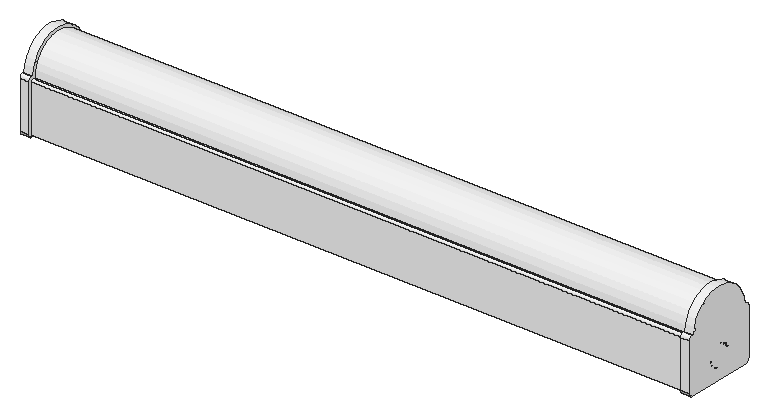
Revit family "0045182 Feilo Sylvania Lighting Fixture SYLBATTEN LED1 6000K TP3", category Lighting Fixtures, host Face, Revit 2017
Family settings
  Host = Face
  Round Connector Dimension = Use Diameter
  Part Type = Normal
  OmniClass Number = 23.80.70.00
  OmniClass Title = Lighting
  Cut with Voids When Loaded = No
  Light Source = Yes
  Shared = No
  Room Calculation Point = No
Parameters (values of type "0045182 SYLBATTEN LED1 6000K TP3")
  Width_FEILO = 66 mm
  Weight = "1.292 kg"
  Wattage Comments = "n/a"
  Wattage = 11 W
  WarrantyStartDate [instance] = "n/a"
  WarrantyGuarantorParts = "n/a"
  WarrantyDurationUnit = "n/a"
  WarrantyDurationParts = "n/a"
  WarrantyDescription = "n/a"
  built-in parameter 1150110 = 1 (stored number, unit not read)
  Voltage = 230 V
  URL = "http://www.sylvania-lighting.com"
  TypeName = "SYLBATTEN LED1 6000K TP3"
  Type Image = <None>
  Type Comments = "n/a"
  built-in parameter 1114217 = 1 (stored number, unit not read)
  Tilt Angle = -90.00°
  built-in parameter 1150109 = 1 (stored number, unit not read)
  built-in parameter 1150134 = 5
  SymReflector_FEILO = no
  built-in parameter 1150113 = 1 (stored number, unit not read)
  SerialNumber [instance] = "n/a"
  PowerFactor = 0
  PowerConsumption = "11 W"
  Photometric Web File = "0045182.ies"
  NominalLength = 605 mm
  NominalHeight = 76 mm
  NominalDepth = 66 mm
  Name = "SYLBATTEN LED1 6000K TP3"
  ModelReference = Name  # "SYLBATTEN LED1 6000K TP3"
  ModelNumber = "0045182"
  Model = Name  # "SYLBATTEN LED1 6000K TP3"
  Material_4_FEILO = Reflector-Sylvania-Sylbatten-White
  Material_3_FEILO = Diffuser-Sylvania-Sylbatten-Glow
  Material_2_FEILO = Body-Sylvania-Sylbatten-White
  Material_1_FEILO = Body-Sylvania-Sylbatten-White
  Material = "sheet steel housing, polycarbonate diffuser"
  ManufacturerName = "Feilo Sylvania"
  Manufacturer = "Feilo Sylvania"
  LuminousEfficacy = "110 lm/W"
  built-in parameter 1150105 = 96.289 (stored number, unit not read)
  Lumens = 1210 lm
  LuminaireType = ""
  built-in parameter 1150115 = 1 (stored number, unit not read)
  LightOutputRatio = "100"
  built-in parameter 1150137 = (empty or 0)
  built-in parameter 1150139 = (empty or 0)
  Length_FEILO = 605 mm
  LampsType = Lamp  # "LED"
  LampNominalLuminous = "1210 lm"
  LampMacAdamStep = "n/a"
  LampColourTemperature = "6000 K"
  LampColourRenderingIndex = "80"
  built-in parameter 1150112 = 1 (stored number, unit not read)
  built-in parameter 1150114 = 1 (stored number, unit not read)
  Lamp = "LED"
  Keynote = "16500"
  InstallationDate [instance] = "n/a"
  InputVoltage = "220-240V~"
  InputNominalFrequency = "n/a"
  built-in parameter 1150132 = (empty or 0)
  built-in parameter 1150102 = (empty or 0)
  built-in parameter 1150107 = 6000 (stored number, unit not read)
  built-in parameter 1150138 = (empty or 0)
  IngressProtection = "IP20"
  ImpactProtectionIndex = "IK07"
  built-in parameter 1150106 = 0.96289 (stored number, unit not read)
  IfcExportType = "IfcLightFixtureType"
  IfcExportAs = "IfcLightFixtureType"
  Height_FEILO = 76 mm
  ExpectedLife = 50000
  Emit from Rectangle Width = Length_FEILO - 16 mm  # 589 mm
  Emit from Rectangle Length = Width_FEILO - 40 mm  # 26 mm
  Emit Shape Visible in Rendering = no
  ElectricShockClassification = "Class I"
  built-in parameter 1150104 = 10.219 (stored number, unit not read)
  DurationUnit = "hours"
  DocumentationLiterature = "http://www.sylvania-lighting.com/product/en-int/products/0045182"
  DimmingControlOptions = "n/a"
  Dimming Lamp Color Temperature Shift = <None>
  Description = "LED batten, T8 replacement, ease of installation through 2 part push-in design of the housing (safety cable included), through wiring capability (TP3 = 3 core), sheet steel, 1210LM, 11W, 110lm/W, 6000K, drive current: 350mA, CRI 80, 138° wide beam angle, electronic driver (non dimmable), IP20, IK07, 50,000 hrs (L70), (LxWxH) 605x66x76mm, 5 step MacAdam ellipse, 1.8kg, white RAL 9016, Class 1, 220-240V, energy class: A++, A+, A."
  Default Elevation = 1219.2 mm
  CreatedOn = "1/25/2018"
  CreatedBy = ""
  Cost = 0
  Color Filter = 16777215
  built-in parameter 1114216 [instance] = (empty or 0)
  ClassificationValue = "EF_70_80"
  ClassificationName = "Uniclass2015"
  CapOffset_FEILO = 2 mm
  BarCode [instance] = "n/a"
  built-in parameter 1114218 = 1 (stored number, unit not read)
  BackReflector_FEILO = and(not(AsymReflector_FEILO), SymReflector_FEILO)  # no
  built-in parameter 1150133 = 10 (stored number, unit not read)
  FrontReflector_FEILO = or(AsymReflector_FEILO, SymReflector_FEILO)  # no
  AsymReflector_FEILO = no
  AssetType = "Fixed"
  AssetIdentifier [instance] = "n/a"
  Assembly Code = "D5020200"
  Apparent Load = 11 VA
Reference planes
  plane 1 "Center (Front/Back)": y = 0
  plane 2: z = 0
  plane 3 "Center (Left/Right)": x = 0
  plane 4: x = 302.5
  plane 5: x = -302.5
  plane 6: y = 33
  plane 7: y = -33
  plane 8: z = 76
  plane 9: z = 47
  plane 10: y = -29
  plane 11: y = 29
  plane 12: z = 20
  plane 13: z = 74
  plane 14: y = -31
  plane 15: y = -27
  plane 16: y = 27
  plane 17: y = 31
  plane 18: z = 2
  plane 19: x = -294.5
  plane 20: x = 294.5
  plane 21: z = 49
  plane 22: y = 1
  plane 23: y = -1
  plane 24: z = 21
  plane 25: z = 19
  plane 26: y = -61
  plane 27: y = 61
  plane 28: y = -56
  plane 29: y = 56
  plane 30: z = 91
  plane 31: z = 88
Forms (mm)
  Extrusion 1, solid, material "Body-Sylvania-Sylbatten-White" <- "Material_2_FEILO"
    sketch origin (0, 0, 0) x (0, 1, 0) y (0, 0, 1)
      loop
        line (-31, 2) -> (31, 2) -> (31, 45)
        arc (31, 45) -> (30.414, 46.414) -> (29, 47) r 2
        line (29, 47) -> (27, 47)
        arc (27, 47) -> (0, 74) -> (-27, 47) r 27
        line (-27, 47) -> (-29, 47)
        arc (-29, 47) -> (-30.414, 46.414) -> (-31, 45) r 2
        line (-31, 45) -> (-31, 2)
    from -294.5 to 294.5
  Extrusion 2, solid, material "Body-Sylvania-Sylbatten-White" <- "Material_2_FEILO"
    sketch origin (302.5, 1524, 1219.2) x (0, 1, 0) y (0, 0, 1)
      loop
        arc (-1494, -1219.2) -> (-1491.879, -1218.321) -> (-1491, -1216.2) r 3
        line (-1491, -1216.2) -> (-1491, -1173.2)
        arc (-1491, -1173.2) -> (-1491.879, -1171.079) -> (-1494, -1170.2) r 3
        line (-1494, -1170.2) -> (-1495.069, -1170.2)
        arc (-1495.069, -1170.2) -> (-1524, -1143.2) -> (-1552.931, -1170.2) r 29
        line (-1552.931, -1170.2) -> (-1554, -1170.2)
        arc (-1554, -1170.2) -> (-1556.121, -1171.079) -> (-1557, -1173.2) r 3
        line (-1557, -1173.2) -> (-1557, -1216.2)
        arc (-1557, -1216.2) -> (-1556.121, -1218.321) -> (-1554, -1219.2) r 3
        line (-1554, -1219.2) -> (-1494, -1219.2)
      loop
        arc (-1525, -1189.25) -> (-1531.071, -1192.129) -> (-1533.95, -1198.2) r 10
        line (-1533.95, -1198.2) -> (-1532.944, -1198.2)
        arc (-1532.944, -1198.2) -> (-1530.364, -1192.836) -> (-1525, -1190.256) r 9
        line (-1525, -1190.256) -> (-1525, -1189.25)
      loop
        arc (-1523, -1190.256) -> (-1517.636, -1192.836) -> (-1515.056, -1198.2) r 9
        line (-1515.056, -1198.2) -> (-1514.05, -1198.2)
        arc (-1514.05, -1198.2) -> (-1516.929, -1192.129) -> (-1523, -1189.25) r 10
        line (-1523, -1189.25) -> (-1523, -1190.256)
      loop
        line (-1532.944, -1200.2) -> (-1533.95, -1200.2)
        arc (-1533.95, -1200.2) -> (-1531.071, -1206.271) -> (-1525, -1209.15) r 10
        line (-1525, -1209.15) -> (-1525, -1208.144)
        arc (-1525, -1208.144) -> (-1530.364, -1205.564) -> (-1532.944, -1200.2) r 9
      loop
        arc (-1515.056, -1200.2) -> (-1517.636, -1205.564) -> (-1523, -1208.144) r 9
        line (-1523, -1208.144) -> (-1523, -1209.15)
        arc (-1523, -1209.15) -> (-1516.929, -1206.271) -> (-1514.05, -1200.2) r 10
        line (-1514.05, -1200.2) -> (-1515.056, -1200.2)
    from 0 to -8
  Extrusion 3, solid, material "Body-Sylvania-Sylbatten-White" <- "Material_2_FEILO"
    sketch origin (-302.5, 1524, 1219.2) x (0, 1, 0) y (0, 0, 1)
      loop
        arc (-1495.069, -1170.2) -> (-1524, -1143.2) -> (-1552.931, -1170.2) r 29
        line (-1552.931, -1170.2) -> (-1554, -1170.2)
        arc (-1554, -1170.2) -> (-1556.121, -1171.079) -> (-1557, -1173.2) r 3
        line (-1557, -1173.2) -> (-1557, -1216.2)
        arc (-1557, -1216.2) -> (-1556.121, -1218.321) -> (-1554, -1219.2) r 3
        line (-1554, -1219.2) -> (-1494, -1219.2)
        arc (-1494, -1219.2) -> (-1491.879, -1218.321) -> (-1491, -1216.2) r 3
        line (-1491, -1216.2) -> (-1491, -1173.2)
        arc (-1491, -1173.2) -> (-1491.879, -1171.079) -> (-1494, -1170.2) r 3
        line (-1494, -1170.2) -> (-1495.069, -1170.2)
      loop
        line (-1533.95, -1198.2) -> (-1532.944, -1198.2)
        arc (-1532.944, -1198.2) -> (-1530.364, -1192.836) -> (-1525, -1190.256) r 9
        line (-1525, -1190.256) -> (-1525, -1189.25)
        arc (-1525, -1189.25) -> (-1531.071, -1192.129) -> (-1533.95, -1198.2) r 10
      loop
        line (-1523, -1189.25) -> (-1523, -1190.256)
        arc (-1523, -1190.256) -> (-1517.636, -1192.836) -> (-1515.056, -1198.2) r 9
        line (-1515.056, -1198.2) -> (-1514.05, -1198.2)
        arc (-1514.05, -1198.2) -> (-1516.929, -1192.129) -> (-1523, -1189.25) r 10
      loop
        line (-1514.05, -1200.2) -> (-1515.056, -1200.2)
        arc (-1515.056, -1200.2) -> (-1517.636, -1205.564) -> (-1523, -1208.144) r 9
        line (-1523, -1208.144) -> (-1523, -1209.15)
        arc (-1523, -1209.15) -> (-1516.929, -1206.271) -> (-1514.05, -1200.2) r 10
      loop
        line (-1525, -1209.15) -> (-1525, -1208.144)
        arc (-1525, -1208.144) -> (-1530.364, -1205.564) -> (-1532.944, -1200.2) r 9
        line (-1532.944, -1200.2) -> (-1533.95, -1200.2)
        arc (-1533.95, -1200.2) -> (-1531.071, -1206.271) -> (-1525, -1209.15) r 10
    from 0 to 8
  Extrusion 4, solid, material "Reflector-Sylvania-Sylbatten-White" <- "Material_4_FEILO", visible <- "FrontReflector_FEILO"
    sketch origin (0, 0, 0) x (0, 1, 0) y (0, 0, 1)
      loop
        line (-61.257, 88.429) -> (-60.743, 87.571) -> (-56.621, 90.044)
        arc (-56.621, 90.044) -> (-56.237, 90.099) -> (-55.929, 89.863) r 0.5
        line (-55.929, 89.863) -> (-31.435, 46.753) -> (-30.565, 47.247) -> (-55.312, 90.802)
        arc (-55.312, 90.802) -> (-55.928, 91.275) -> (-56.696, 91.165) r 1
        line (-56.696, 91.165) -> (-61.257, 88.429)
    from -294.5 to 294.5
  Extrusion 5, solid, material "Reflector-Sylvania-Sylbatten-White" <- "Material_4_FEILO", visible <- "BackReflector_FEILO"
    sketch origin (0, 0, 0) x (0, 1, 0) y (0, 0, 1)
      loop
        line (30.565, 47.247) -> (31.435, 46.753) -> (55.932, 89.868)
        arc (55.932, 89.868) -> (56.245, 90.112) -> (56.638, 90.062) r 0.518
        line (56.638, 90.062) -> (61.033, 87.565) -> (61.527, 88.435) -> (56.682, 91.188)
        arc (56.682, 91.188) -> (55.922, 91.282) -> (55.318, 90.812) r 1
        line (55.318, 90.812) -> (30.565, 47.247)
    from -294.5 to 294.5
Lines and regions (mm)
  reference lines
    curve 1: line (0, -61, 88) -> (0, -56, 91)
    curve 2: line (0, -56, 91) -> (0, -31, 47)
    curve 3: line (0, 31, 47) -> (0, 56, 91)
    curve 4: line (0, 56, 91) -> (0, 61.28, 88)
Dimensions and locks
  equal spacing: plane 5, plane 3 "Center (Left/Right)", plane 4
  equal spacing: plane 7, plane 1 "Center (Front/Back)", plane 6
  "Width_FEILO": plane 7 to plane 6
  "Length_FEILO": plane 5 to plane 4
  "Height_FEILO": plane 8 to plane 2
  locked: plane 9 to plane 8 at 29
  equal spacing: plane 10, plane 1 "Center (Front/Back)", plane 11
  locked: plane 7 to plane 10 at 4
  locked: plane 12 to plane 2 at 20
  "CapOffset_FEILO": plane 13 to plane 8
  "CapOffset_FEILO": plane 7 to plane 14
  "CapOffset_FEILO": plane 10 to plane 15
  "CapOffset_FEILO": plane 17 to plane 6
  "CapOffset_FEILO": plane 16 to plane 11
  "CapOffset_FEILO": plane 18 to plane 2
  locked: plane 14 to Extrusion 1 sketch curve at 2
  locked: Extrusion 1 sketch curve to plane 9 at 2  (x2)
  locked: plane 16 to Extrusion 1 sketch curve at 2
  equal spacing: plane 19, plane 3 "Center (Left/Right)", plane 20
  locked: plane 5 to plane 19 at 8
  "CapOffset_FEILO": plane 9 to plane 21
  locked: Extrusion 2 sketch curve to plane 2 at 47
  locked: Extrusion 1 sketch curve to plane 2 at 47
  locked: Extrusion 2 sketch curve to plane 2 at 3  (x2)
  locked: plane 7 to Extrusion 2 sketch curve at 3  (x2)
  locked: Extrusion 2 sketch curve to plane 6 at 3  (x2)
  locked: Extrusion 2 sketch curve to plane 21 at 3  (x2)
  equal spacing: plane 23, plane 1 "Center (Front/Back)", plane 22
  equal spacing: plane 25, plane 12, plane 24
  plane 30 to plane 31 to plane 2 = 3 mm locked, 88 mm locked
  plane 28 to plane 29 = 112 mm
  plane 26 to plane 27 = 122 mm
  aligned and locked: plane 2 to host face
  aligned and locked: level to host face
  aligned and locked: plane 18 to Extrusion 1 sketch curve
  aligned and locked: plane 14 to Extrusion 1 sketch curve
  aligned and locked: Extrusion 1 sketch curve to plane 9  (x2)
  aligned and locked: Extrusion 1 sketch curve to plane 17
  aligned and locked: plane 15 to Extrusion 1 sketch curve
  aligned and locked: plane 16 to Extrusion 1 sketch curve
  aligned and locked: plane 9 to Extrusion 1 sketch curve
  aligned and locked: plane 20 to Extrusion 1
  aligned and locked: level to Extrusion 2 sketch curve
  aligned and locked: Extrusion 2 sketch curve to plane 7
  aligned and locked: plane 21 to Extrusion 2 sketch curve
  aligned and locked: Extrusion 2 sketch curve to plane 21
  aligned and locked: plane 1 "Center (Front/Back)" to Extrusion 2 sketch curve  (x3)
  aligned and locked: Extrusion 2 to Extrusion 1
  aligned and locked: plane 4 to Extrusion 2
  aligned and locked: plane 12 to Extrusion 2 sketch curve  (x2)
  aligned and locked: Extrusion 2 sketch curve to plane 22
  aligned and locked: Extrusion 2 sketch curve to plane 23
  aligned and locked: Extrusion 2 sketch curve to plane 24
  aligned and locked: Extrusion 2 sketch curve to plane 25
  aligned and locked: plane 25 to Extrusion 2 sketch curve
  aligned and locked: plane 22 to Extrusion 2 sketch curve
  aligned and locked: plane 24 to Extrusion 2 sketch curve
  aligned and locked: plane 23 to Extrusion 2 sketch curve  (x2)
  aligned and locked: Extrusion 3 sketch curve to Extrusion 2  (x22)
  aligned and locked: Extrusion 3 to Extrusion 1
  aligned and locked: Extrusion 3 to plane 5
  aligned and locked: plane 19 to Extrusion 3
  aligned and locked: plane 31 to curve 1
  aligned and locked: plane 30 to curve 1
  aligned and locked: plane 14 to curve 2
  aligned and locked: plane 9 to curve 2
  aligned and locked: plane 17 to curve 3
  aligned and locked: plane 30 to curve 3
  aligned and locked: plane 31 to curve 4
  aligned and locked: Extrusion 4 sketch curve to curve 2
  aligned and locked: Extrusion 4 sketch curve to curve 1
  aligned and locked: Extrusion 4 to Extrusion 1
  aligned and locked: Extrusion 1 to Extrusion 4
  aligned and locked: imposter light to plane 1 "Center (Front/Back)"
  aligned and locked: imposter light to plane 3 "Center (Left/Right)"
  aligned and locked: imposter light to plane 13
  aligned and locked: Extrusion 5 sketch curve to curve 4
  aligned and locked: Extrusion 5 sketch curve to curve 3
  aligned and locked: Extrusion 1 to Extrusion 5
  aligned and locked: Extrusion 5 to Extrusion 1
Automatic sketch dimensions
  host sketch curve to host sketch curve = 2438.4 mm  (x2)
  Extrusion 2 sketch curve to Extrusion 2 sketch curve = 0 mm  (x14)
  Extrusion 2 sketch curve to plane 10 = 0.069 mm
  plane 23 to Extrusion 2 sketch curve = 8.95 mm
  Extrusion 2 sketch curve to Extrusion 2 sketch curve = 1.006 mm  (x4)
  Extrusion 2 sketch curve to plane 22 = 7.944 mm
  curve 1 to plane 26 = 0 mm
  curve 2 to plane 28 = 0 mm
  curve 4 to plane 29 = 0 mm
  plane 9 to curve 3 = 0 mm
  plane 26 to Extrusion 4 sketch curve = 0.257 mm
  Extrusion 4 sketch curve to plane 26 = 0.257 mm
  Extrusion 4 sketch curve to plane 30 = 0.165 mm
  plane 28 to Extrusion 4 sketch curve = 0.696 mm
  plane 28 to Extrusion 4 sketch curve = 0.621 mm
  plane 28 to Extrusion 4 sketch curve = 0.364 mm
  plane 28 to Extrusion 4 sketch curve = 0.182 mm
  Extrusion 4 sketch curve to plane 28 = 0.071 mm
  plane 30 to Extrusion 4 sketch curve = 0.198 mm
  Extrusion 4 sketch curve to plane 28 = 0.688 mm
  plane 9 to Extrusion 4 sketch curve = 0.247 mm
  plane 1 "Center (Front/Back)" to Extrusion 4 sketch curve = 31.435 mm
  Extrusion 5 sketch curve to plane 9 = 0.247 mm
  Extrusion 5 sketch curve to plane 1 "Center (Front/Back)" = 30.565 mm
  plane 9 to Extrusion 5 sketch curve = 0.247 mm
  plane 30 to Extrusion 5 sketch curve = 0.188 mm
  plane 29 to Extrusion 5 sketch curve = 0.068 mm
  Extrusion 5 sketch curve to plane 29 = 0.188 mm
  Extrusion 5 sketch curve to plane 29 = 0.382 mm
  Extrusion 5 sketch curve to Extrusion 5 sketch curve = 0.256 mm
  Extrusion 5 sketch curve to plane 30 = 0.188 mm
  Extrusion 5 sketch curve to plane 29 = 0.682 mm
  Extrusion 5 sketch curve to plane 27 = 0.033 mm
  Extrusion 5 sketch curve to plane 27 = 0.527 mm
Connectors
  electrical at (0, 0, 0), driven by "Apparent Load", driven by "PowerFactor", driven by "Voltage"
    settings: index 1, voltage 230 V, apparent load 11 VA, apparent load phase1 0 VA, apparent load phase2 0 VA, apparent load phase3 0 VA, power factor 0, load classification "Lighting", number of poles 1, system type 30, power factor state 1, is connector primary yes, connector utility no, sub classification motor no, connector description ""
